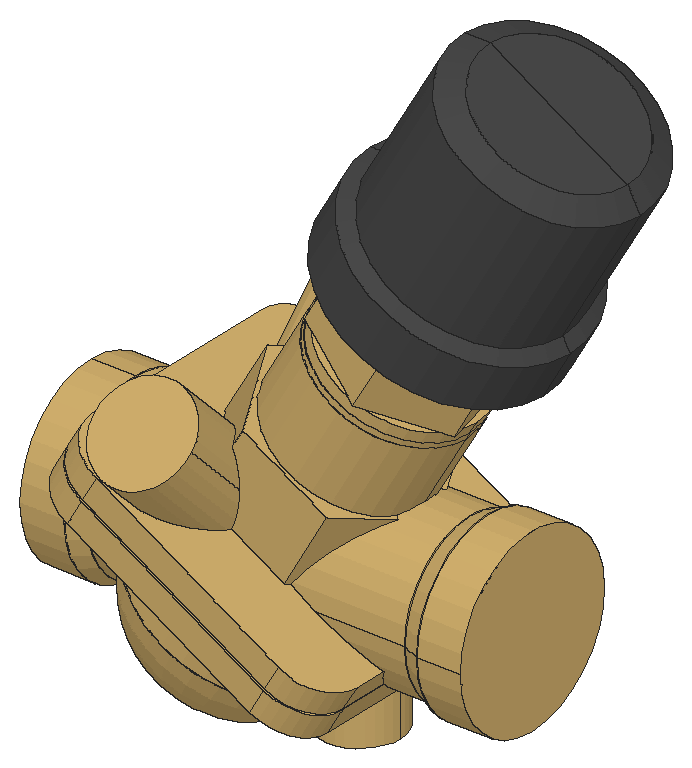
Revit family "1AHQM_DN15-32_External_RFA", category Pipe Accessories, Revit 2019
Family settings
  Round Connector Dimension = Use Diameter
  Part Type = Valve - Breaks Into
  OmniClass Number = 23.65.55.14.17
  OmniClass Title = Adjusting/Controlling Valves for Liquid Services
  Work Plane-Based = No
  Always vertical = Yes
  Cut with Voids When Loaded = No
  Shared = No
Parameters (values of type "AHQM_DN15_Kvs_1.0_External_003L3592")
  W [instance] = 45 mm
  RN2 = 12.7 mm
  Nominal Pressure = "PN 16"  # constant formula
  Min Flow = "0.035 m³/h"
  Max Flow = "0.43 m³/h"
  L = 64.9 mm
  Kvs = 1.0 m³/h
  H_IT = -21 mm
  H_A6 = 26 mm  # constant formula
  H_A2 = 25.5 mm
  L_TP = 10 mm
  Weight = 0.51 kg
  Valve Body Material = Danfoss Brass
  URL = "https://store.danfoss.com/en/Climate-Solutions-for-heating/Pressure-and-Flow-Controllers/Pressure-Independent-Control-Valves/c/4120?q=%3Arelevance%3Adanfoss_producttypehierarchydesc%3A4503ff21ed70ed1f579e41a58838c27d4b1d929f%3Adanfoss_a50461501115_fts%3ATA6_1501121&page=0&pageSize=10"
  H_TP = 30 mm
  TD = R_V1_1 * 2  # 26.4 mm
  Stroke = "5.5 mm"
  H_Plate__ve = -H_Plate  # -4 mm
  H_Plate = 4 mm
  R_Arc1 = 7 mm
  R_IT = 6 mm
  R_C = 18 mm
  R_B4 = 16.5 mm
  RN1 = 14.4 mm
  R_V1 = 12 mm
  R_TP = 7.2 mm
  Pressure Drop [instance] = 0.0 bar
  Model Type = "AHQM_DN15_Kvs_1.0_External"
  Model = "003L3592"
  Min Medium Temperature = "2 °C"  # constant formula
  Max Medium Temperature = "120 °C"  # constant formula
  Max Differential Pressure = "4 bar"  # constant formula
  Manufacturer = "Danfoss"  # constant formula
  H_A5 = 8 mm  # constant formula
  H_A4 = 2 mm
  L_IT = 5 mm
  LOD 350 = not(LOD 200)  # yes
  LOD 200 = no
  H_N2 = 11 mm
  H_N1 = 12.6 mm
  L1_2 = 25.5 mm
  L1 = 46.7 mm
  L3 = 2.7 mm
  L2 = 6.5 mm
  L_Plate = 45 mm
  IfcExportType = "AHQM"  # constant formula
  IfcExportAs = "IfcValveType"  # constant formula
  H_A = 15 mm
  HH = H1 + H2  # 99.5 mm
  H_A1 = 10 mm
  H2 = 24 mm
  H_A3 = 1 mm
  H1 = 75.5 mm
  H [instance] = 99.5 mm
  GAP2 = 1 mm
  GAP = 0.5 mm
  Flow [instance] = 0.0 m³/h
  Description = "Pressure Independent Control Valve"  # constant formula
  R_B2 = 12 mm
  R_B3 = 12 mm
  R_V1_1 = 13.2 mm
  D = 15 mm
  Connection = "External Thread"  # constant formula
  R_N2 = RN2 * cos(30.00°)  # 10.999 mm
  R_N1 = RN1 * cos(30.00°)  # 12.471 mm
  R_Arc2 = 18 mm
  R_B1 = 16 mm
  A_3 = 10 mm
  A_2 = 12 mm
  A_1 = 14.3 mm
  A = 30.00°
Types (6, lengths in mm): name | RN2 | Min Flow | Max Flow | L | Kvs | H_IT | H_A2 | L_TP | Weight | H_TP | TD | Stroke | H_Plate__ve | H_Plate | R_Arc1 | R_IT | RN1 | R_V1 | Model Type | Model | H_A4 | L_IT | H_N2 | H_N1 | L1_2 | L1 | L3 | L2 | L_Plate | H_A | HH | H_A1 | H2 | H_A3 | H1 | H | R_B2 | R_B3 | R_V1_1 | D | R_N2 | R_N1 | R_Arc2 | R_B1 | A_3 | A_2 | A_1
  AHQM_DN15_Kvs_1.0_External_003L3592 | 12.7 | "0.035 m³/h" | "0.43 m³/h" | 64.9 | 1.0 m³/h | -21 | 25.5 | 10 | 0.51 kg | 30 | 26.4 | "5.5 mm" | -4 | 4 | 7 | 6 | 14.4 | 12 | "AHQM_DN15_Kvs_1.0_External" | "003L3592" | 2 | 5 | 11 | 12.6 | 25.5 | 46.7 | 2.7 | 6.5 | 45 | 15 | 99.5 | 10 | 24 | 1 | 75.5 | 99.5 | 12 | 12 | 13.2 | 15 | 10.999 | 12.471 | 18 | 16 | 10 | 12 | 14.3
  AHQM_DN20_Kvs2.5_External_003L3595 | 12.7 | "0.25 m³/h" | "1.2 m³/h" | 82 | 2.5 m³/h | -23.5 | 19.5 | 13 | 0.67 kg | 32 | 33 | "5.0 mm" | -6 | 6 | 12 | 6 | 17.9 | 14.5 | "AHQM_DN20_Kvs2.5_External" | "003L3595" | 4.5 | 8 | 11 | 16 | 31 | 60 | 3 | 8 | 56 | 16 | 108.5 | 14.5 | 31 | 5 | 77.5 | 108.5 | 12 | 12 | 16.5 | 20 | 10.999 | 15.502 | 16 | 16 | 9 | 12.5 | 18.5
  AHQM_DN25_Kvs4.0_External_003L3596 | 13.3 | "0.43 m³/h" | "2.2 m³/h" | 104 | 4.0 m³/h | -28 | 31 | 13 | 1.47 kg | 32 | 42 | "5.0 mm" | -6 | 6 | 12 | 6.5 | 22.4 | 18 | "AHQM_DN25_Kvs4.0_External" | "003L3596" | 7 | 11 | 12 | 16 | 37 | 74 | 5 | 10 | 71 | 19.5 | 129.5 | 20 | 39 | 5 | 90.5 | 129.5 | 17 | 19 | 21 | 25 | 11.518 | 19.399 | 21 | 20 | 10 | 18 | 22
  AHQM_DN32_Kvs6.3_External_003L3597 | 13.3 | "0.65 m³/h" | "3.4 m³/h" | 130 | 6.3 m³/h | -33.5 | 40 | 17 | 2.23 kg | 40 | 54 | "5.0 mm" | -8 | 8 | 7 | 6.5 | 28 | 20 | "AHQM_DN32_Kvs6.3_External" | "003L3597" | 10.5 | 14 | 11.5 | 20 | 46 | 95 | 5 | 12 | 90 | 23 | 151 | 24.5 | 49 | 4 | 102 | 151 | 22 | 24 | 27 | 32 | 11.518 | 24.249 | 22 | 23.5 | 11 | 24 | 28
  AHQM_DN15_Kvs1.25_External_003L3593 | 12.7 | "0.11 m³/h" | "0.7 m³/h" | 64.9 | 1.25 m³/h | -21 | 25.5 | 10 | 0.51 kg | 30 | 26.4 | "5.5 mm" | -4 | 4 | 7 | 6 | 14.4 | 12 | "AHQM_DN15_Kvs1.25_External" | "003L3593" | 2 | 5 | 11 | 12.6 | 25.5 | 46.7 | 2.7 | 6.5 | 45 | 15 | 99.5 | 10 | 24 | 1 | 75.5 | 99.5 | 12 | 12 | 13.2 | 15 | 10.999 | 12.471 | 18 | 16 | 10 | 12 | 14.3
  AHQM_DN15_Kvs1.6_External_003L3594 | 12.7 | "0.2 m³/h" | "1.0 m³/h" | 64.9 | 1.6 m³/h | -21 | 25.5 | 10 | 0.51 kg | 30 | 26.4 | "5.5 mm" | -4 | 4 | 7 | 6 | 14.4 | 12 | "AHQM_DN15_Kvs1.6_External" | "003L3594" | 2 | 5 | 11 | 12.6 | 25.5 | 46.7 | 2.7 | 6.5 | 45 | 15 | 99.5 | 10 | 24 | 1 | 75.5 | 99.5 | 12 | 12 | 13.2 | 15 | 10.999 | 12.471 | 18 | 16 | 10 | 12 | 14.3
Reference planes
  plane 1 "Center (Front/Back)": y = 0
  plane 2 "XYPLANE": z = 0
  plane 3 "Center (Left/Right)": x = 0
  plane 4 "293": x = -10
  plane 5 "292": x = -10
  plane 6 "249": through (0, 465.983, 594.677) normal (0, -0.7071, 0.7071)
  plane 7 "248": through (0, 487.197, 573.464) normal (0, -0.7071, 0.7071)
  plane 8 "247": through (0, 487.904, 572.756) normal (0, -0.7071, 0.7071)
  plane 9 "246": through (0, 509.117, 551.543) normal (0, -0.7071, 0.7071)
  plane 10 "245": x = 0
  plane 11 "244": through (0, 530.33, -530.33) normal (0, 0.7071, 0.7071)
  plane 12 "243": through (0, 530.33, 530.33) normal (0, -0.7071, 0.7071)
  plane 13 "237": through (369.753, 0, 652.548) normal (0.866, 0, -0.5)
  plane 14 "236": through (0, 596.091, -464.569) normal (0, 0.7071, 0.7071)
  plane 15 "233": through (0, 551.543, -509.117) normal (0, 0.7071, 0.7071)
  plane 16 "228": through (0, 530.33, -530.33) normal (0, 0.7071, 0.7071)
  plane 17 "227": through (0, -530.33, -530.33) normal (0, 0.7071, -0.7071)
  plane 18 "226": x = 0
  plane 19 "202": through (-623.769, 0, 419.6) normal (0.5, 0, 0.866)
  plane 20 "201": through (-627.769, 0, 412.672) normal (0.5, 0, 0.866)
  plane 21 "200": through (-633.269, 0, 403.146) normal (0.5, 0, 0.866)
  plane 22 "199": through (-634.269, 0, 401.414) normal (0.5, 0, 0.866)
  plane 23 "198": through (-634.769, 0, 400.548) normal (0.5, 0, 0.866)
  plane 24 "197": through (-647.519, 0, 378.464) normal (0.5, 0, 0.866)
  plane 25 "195": through (-664.019, 0, 349.885) normal (0.5, 0, 0.866)
  plane 26 "194": through (-656.519, 0, 362.876) normal (0.5, 0, 0.866)
  plane 27 "193": through (-651.519, 0, 371.536) normal (0.5, 0, 0.866)
  plane 28 "189": through (-649.769, 0, 374.567) normal (0.5, 0, 0.866)
  plane 29 "96": through (-649.519, 0, 375) normal (0.5, 0, 0.866)
  plane 30 "95": y = 0
  plane 31 "93": through (370.619, 0, 652.048) normal (0.866, 0, -0.5)
  plane 32 "40": x = 23.9
  plane 33 "39": x = 21.2
  plane 34 "37": x = -25.5
  plane 35 "24": z = 0
  plane 36 "23": y = 0
  plane 37 "22": x = 0
  plane 38 "242XY": through (0, 530.33, 530.33) normal (0, -0.7071, 0.7071)
  plane 39 "242XZ": through (0, 530.33, -530.33) normal (0, 0.7071, 0.7071)
  plane 40 "242YZ": x = 0
  plane 41 "204XY": through (0, 530.33, -530.33) normal (0, 0.7071, 0.7071)
  plane 42 "204XZ": through (0, -530.33, -530.33) normal (0, 0.7071, -0.7071)
  plane 43 "204YZ": x = 0
  plane 44 "87XY": through (-649.519, 0, 375) normal (0.5, 0, 0.866)
  plane 45 "87XZ": y = 0
  plane 46 "87YZ": through (370.619, 0, 652.048) normal (0.866, 0, -0.5)
  plane 47 "203": through (-610.769, -1524, 442.117) normal (0.5, 0, 0.866)
  plane 48: through (358.235, -1524, 659.198) normal (0.866, 0, -0.5)
  plane 49: through (361.959, -1524, 657.048) normal (0.866, 0, -0.5)
  plane 50: through (360.227, -1524, 658.048) normal (0.866, 0, -0.5)
  plane 51 "192": through (356.763, -1524, 660.048) normal (0.866, 0, -0.5)
  plane 52: z = -24
  plane 53: z = 75.5
  plane 54 "E1": x = -34.5
  plane 55 "E2": x = 30.4
  plane 56 "38": x = -28
  plane 57: x = 5
  plane 58 "LN1": through (-641.219, -1524, 389.376) normal (0.5, 0, 0.866)
Forms (mm)
  Extrusion 1, solid, material "Danfoss Brass" <- "Valve Body Material", detail levels fine
    sketch origin (-664.019, 0, 349.885) x (0.866025, 0, -0.5) y (0, 1, 0)
      loop
        circle (744.941, 0) r 1
    from 0 to 2 <- "H_A4"
  Revolve 2, solid, material "Danfoss Brass" <- "Valve Body Material", detail levels fine
    sketch origin (-8.083, 0, -12) x (0, 0, 1) y (1, 0, 0)
      loop
        arc (-10.085, -11.664) -> (-0.735, -17.748) -> (10.405, -17.155) r 18
        line (10.405, -17.155) -> (2.905, -4.164) -> (-10.085, -11.664)
      axis (-10.585, -10.798) -> (2.405, -3.298)
    angle from 0 to -360
  Extrusion 3, solid, material "Danfoss Brass" <- "Valve Body Material", visible <- "LOD 350", detail levels fine
    sketch origin (0, 530.33, 530.33) x (0, -0.707107, -0.707107) y (1, 0, 0)
      loop
        circle (750, -10) r 7.2
    from 0 to 30 <- "H_TP"
  Extrusion 4, solid, material "Danfoss Brass" <- "Valve Body Material", visible <- "LOD 350", detail levels fine
    sketch origin (0, 530.33, -530.33) x (0, -0.707107, 0.707107) y (1, 0, 0)
      loop
        circle (750, -10) r 7.2
    from 0 to 30 <- "H_TP"
  Extrusion 5, solid, material "Danfoss Brass" <- "Valve Body Material", detail levels fine
    sketch origin (-651.934, 0, 375.817) x (0.866025, 0, -0.5) y (0, 1, 0)
      loop
        line (762.941, 22.5) -> (731.941, 22.5)
        arc (731.941, 22.5) -> (726.991, 20.45) -> (724.941, 15.5) r 7
        line (724.941, 15.5) -> (724.941, -15.5)
        arc (724.941, -15.5) -> (726.991, -20.45) -> (731.941, -22.5) r 7
        line (731.941, -22.5) -> (762.941, -22.5)
        arc (762.941, -22.5) -> (767.891, -20.45) -> (769.941, -15.5) r 7
        line (769.941, -15.5) -> (769.941, 15.5)
        arc (769.941, 15.5) -> (767.891, 20.45) -> (762.941, 22.5) r 7
    from 0.2 to -4 <- "H_Plate__ve"
  Extrusion 6, solid, material "Danfoss Brass" <- "Valve Body Material", detail levels fine
    sketch origin (-7, 0, -12.124) x (0.866025, 0, -0.5) y (0, 1, 0)
      loop
        circle (-5.059, 0) r 16
    from 0 to 10
  Extrusion 7, solid, material "Danfoss Brass" <- "Valve Body Material", visible <- "LOD 350", detail levels fine
    sketch origin (-647.519, 0, 378.464) x (0.866025, 0, -0.5) y (0, 1, 0)
      loop
        line (730.541, 0) -> (737.741, -12.471) -> (752.141, -12.471) -> (759.341, 0) -> (752.141, 12.471) -> (737.741, 12.471) -> (730.541, 0)
    from 0 to 12.6 <- "H_N1"
  Extrusion 8, solid, material "Danfoss Brass" <- "Valve Body Material", visible <- "LOD 350", detail levels fine
    sketch origin (8.3, 0, 14.376) x (-0.866025, 0, 0.5) y (0, -1, 0)
      loop
        circle (5.059, 0) r 12
    from 0 to 12.9
  Extrusion 9, solid, material "Danfoss Brass" <- "Valve Body Material", visible <- "LOD 350", detail levels fine
    sketch origin (-634.269, 0, 401.414) x (0.866025, 0, -0.5) y (0, 1, 0)
      loop
        circle (744.941, 0) r 12
    from 0 to 2 <- "H_A4"
  Extrusion 10, solid, material "Danfoss Brass" <- "Valve Body Material", visible <- "LOD 350", detail levels fine
    sketch origin (-633.269, 0, 403.146) x (0.866025, 0, -0.5) y (0, 1, 0)
      loop
        line (735.386, -8.365) -> (747.408, -12.458) -> (756.964, -4.093) -> (754.497, 8.365) -> (742.474, 12.458) -> (732.919, 4.093) -> (735.386, -8.365)
    from 0 to 11 <- "H_N2"
  Extrusion 11, solid, material "Danfoss Brass" <- "Valve Body Material", detail levels fine
    sketch origin (-651.684, 0, 376.25) x (0.866025, 0, -0.5) y (0, 1, 0)
      loop
        arc (731.941, 22.5) -> (726.991, 20.45) -> (724.941, 15.5) r 7
        line (724.941, 15.5) -> (724.941, -15.5)
        arc (724.941, -15.5) -> (726.991, -20.45) -> (731.941, -22.5) r 7
        line (731.941, -22.5) -> (762.941, -22.5)
        arc (762.941, -22.5) -> (767.891, -20.45) -> (769.941, -15.5) r 7
        line (769.941, -15.5) -> (769.941, 15.5)
        arc (769.941, 15.5) -> (767.891, 20.45) -> (762.941, 22.5) r 7
        line (762.941, 22.5) -> (731.941, 22.5)
    from 0 to 4 <- "H_Plate"
  Blend 12, solid, material "Danfoss Brass" <- "Valve Body Material", visible <- "LOD 350", detail levels fine
    base sketch origin (-634.269, 0, 401.414) x (0.866025, 0, -0.5) y (0, 1, 0)
      loop
        circle (744.941, 0) r 12
    top sketch origin (-634.269, 0, 401.414) x (0.866025, 0, -0.5) y (0, 1, 0)
      loop
        circle (744.941, 0) r 12
    from 0 to -1
  Extrusion 13, solid, material "Danfoss Brass" <- "Valve Body Material", detail levels fine
    sketch origin (30.4, 0, 0) x (0, 0, -1) y (0, -1, 0)
      loop
        circle (0, 0) r 13.2
    from 0 to 6.5
  Blend 14, solid, material "Danfoss Brass" <- "Valve Body Material", visible <- "LOD 350", detail levels fine
    base sketch origin (23.9, -750, 0) x (0, 1, 0) y (0, 0, 1)
      loop
        circle (750, 0) r 13.2
    top sketch origin (23.9, -750, 0) x (0, 1, 0) y (0, 0, 1)
      loop
        circle (750, 0) r 12
    from 0 to -2.7
  Blend 15, solid, material "Danfoss Brass" <- "Valve Body Material", visible <- "LOD 350", detail levels fine
    base sketch origin (-28, 0, 0) x (0, 1, 0) y (0, 0, 1)
      loop
        circle (0, 0) r 13.2
    top sketch origin (-28, 0, 0) x (0, 1, 0) y (0, 0, 1)
      loop
        circle (0, 0) r 12
    from 0 to 2.5
  Extrusion 16, solid, material "Danfoss Brass" <- "Valve Body Material", visible <- "LOD 350", detail levels fine
    sketch origin (0, 0, 0) x (0, 1, 0) y (0, 0, 1)
      loop
        circle (0, 0) r 12
    from -25.5 to 21.2
  Extrusion 17, solid, material "Danfoss Brass" <- "Valve Body Material", detail levels fine
    sketch origin (-34.5, 0, 0) x (0, 0, -1) y (0, -1, 0)
      loop
        circle (0, 0) r 13.2
    from 0 to -6.5
  Revolve 18, solid, material "Danfoss Plastic Black", visible <- "LOD 350", detail levels fine
    sketch origin (-8.083, 0, -12) x (0, 0, 1) y (1, 0, 0)
      loop
        line (52.201, 25.452) -> (81.646, 42.452) -> (75.808, 52.564) -> (72.485, 54.483) -> (52.63, 43.02) -> (50.63, 44.174) -> (43.701, 40.174) -> (52.201, 25.452)
      axis (81.646, 42.452) -> (52.201, 25.452)
    angle from 0 to 360
  Extrusion 19, solid, material "Danfoss Brass" <- "Valve Body Material", detail levels fine
    sketch origin (0, 0, 0) x (1, 0, 0) y (0, 1, 0)
      loop
        circle (5, 0) r 6
    from 0 to -21 <- "H_IT"
  Extrusion 20, solid, material "Danfoss Brass" <- "Valve Body Material", visible <- "LOD 200", detail levels fine
    sketch origin (-28, 0, 0) x (0, 1, 0) y (0, 0, 1)
      loop
        circle (0, 0) r 12
    from 0 to 51.9
  Revolve 21, solid, material "Danfoss Plastic Black", visible <- "LOD 200", detail levels fine
    sketch origin (-8.083, 0, -12) x (0, 0, 1) y (1, 0, 0)
      loop
        line (81.646, 42.452) -> (73.146, 57.174) -> (43.701, 40.174) -> (52.201, 25.452) -> (81.646, 42.452)
      axis (52.201, 25.452) -> (81.646, 42.452)
    angle from 0 to 360
  Revolve 22, solid, material "Danfoss Brass" <- "Valve Body Material", visible <- "LOD 200", detail levels fine
    sketch origin (-8.083, 0, -12) x (0, 0, 1) y (1, 0, 0)
      loop
        line (52.201, 25.452) -> (17.993, 5.702) -> (25.193, -6.769) -> (36.105, -0.469) -> (34.905, 1.61) -> (58.201, 15.06) -> (52.201, 25.452)
      axis (52.201, 25.452) -> (17.993, 5.702)
    angle from 0 to 360
Lines and regions (mm)
  reference lines, not visible
    curve 1: circle (2, 2, 0) r 1 normal (0, 0, 1)
  reference lines
    curve 2: line (-27.85, 0, -0.087) -> (-19.747, 0, -22.085)
    curve 3: line (-10, -43.134, 43.134) -> (-8.34, -41.812, 44.455)
    curve 4: line (-10, -43.134, 43.134) -> (-10.789, -41.456, 44.811)
    curve 5: line (-10, -43.134, 43.134) -> (-12.449, -42.778, 43.489)
    curve 6: line (-10, -21.213, 21.213) -> (-8.34, -19.891, 22.535)
    curve 7: line (-10, -21.213, 21.213) -> (-10.789, -19.536, 22.891)
    curve 8: line (-10, -21.213, 21.213) -> (-12.449, -20.858, 21.569)
    curve 9: line (-10, 21.213, 21.213) -> (-8.34, 22.535, 19.891)
    curve 10: line (-10, 21.213, 21.213) -> (-10.789, 22.891, 19.536)
    curve 11: line (-10, 21.213, 21.213) -> (-12.449, 21.569, 20.858)
    curve 12: line (-10, 44.548, 44.548) -> (-8.34, 45.87, 43.226)
    curve 13: line (-10, 44.548, 44.548) -> (-10.789, 46.225, 42.87)
    curve 14: line (-10, 44.548, 44.548) -> (-12.449, 44.903, 44.192)
    curve 15: circle (-4.631, 0, 2.096) r 1 normal (-0.5, 0, -0.866)
    curve 16: line (-2.381, 0, 5.993) -> (-0.108, 4.547, 4.681)
    curve 17: line (-2.381, 0, 5.993) -> (2.166, 0, 3.368)
    curve 18: line (-2.381, 0, 5.993) -> (-0.108, -4.547, 4.681)
    curve 19: line (11.869, 0, 30.675) -> (11.112, 4.414, 31.112)
    curve 20: line (11.869, 0, 30.675) -> (14.801, 2.964, 28.982)
    curve 21: line (11.869, 0, 30.675) -> (15.558, -1.45, 28.545)
    curve 22: circle (-4.381, 0, 2.529) r 1 normal (0.5, 0, 0.866)
Dimensions and locks
  plane 1 "Center (Front/Back)" to curve 1 = 2 mm
  "L_TP": plane 18 "226" to plane 4 "293"
  "L_TP": plane 10 "245" to plane 5 "292"
  plane 7 "248" to plane 6 "249" = 30 mm
  "GAP2": plane 8 "247" to plane 7 "248"
  plane 9 "246" to plane 8 "247" = 30 mm
  "H_TP": plane 12 "243" to plane 9 "246"
  locked: plane 37 "22" to plane 10 "245"
  locked: plane 39 "242XZ" to plane 11 "244"
  locked: plane 38 "242XY" to plane 12 "243" at 0
  "GAP2": plane 31 "93" to plane 13 "237"
  "H_TP": plane 16 "228" to plane 15 "233"
  locked: plane 41 "204XY" to plane 16 "228"
  locked: plane 42 "204XZ" to plane 17 "227"
  locked: plane 37 "22" to plane 18 "226"
  "H_N2": plane 21 "200" to plane 20 "201"
  "H_A4": plane 22 "199" to plane 21 "200"
  "H_A3": plane 23 "198" to plane 22 "199"
  "H_A2": plane 24 "197" to plane 23 "198"
  "H_Plate": plane 29 "96" to plane 24 "197"
  "H_A": plane 26 "194" to plane 25 "195"
  "H_A1": plane 27 "193" to plane 26 "194"
  "H_Plate": plane 29 "96" to plane 27 "193"
  "GAP": plane 29 "96" to plane 28 "189"
  locked: plane 44 "87XY" to plane 29 "96" at 0
  locked: plane 36 "23" to plane 30 "95"
  locked: plane 46 "87YZ" to plane 31 "93" at 0
  "L3": plane 33 "39" to plane 32 "40"
  "L1_2": plane 37 "22" to plane 34 "37"
  locked: plane 2 "XYPLANE" to plane 35 "24"
  locked: plane 1 "Center (Front/Back)" to plane 36 "23"
  locked: plane 3 "Center (Left/Right)" to plane 37 "22"
  "L_Plate": Extrusion 5 sketch curve to Extrusion 5 sketch curve  (x2)
  Extrusion 5 sketch curve to curve 15 to Extrusion 5 sketch curve = 22.5 mm, 22.5 mm
  Extrusion 5 sketch curve to Extrusion 5 sketch curve = 9.899 mm  (x8)
  "R_N1": curve 16 to Extrusion 7 sketch curve  (x2)
  "R_N1": curve 17 to Extrusion 7 sketch curve  (x2)
  "R_N1": curve 18 to Extrusion 7 sketch curve  (x2)
  Extrusion 7 sketch curve to Extrusion 7 sketch curve = 0 mm  (x12)
  "R_N2": curve 19 to Extrusion 10 sketch curve  (x2)
  "R_N2": curve 20 to Extrusion 10 sketch curve  (x2)
  "R_N2": curve 21 to Extrusion 10 sketch curve  (x2)
  Extrusion 10 sketch curve to Extrusion 10 sketch curve = 0 mm  (x12)
  "L_Plate": Extrusion 11 sketch curve to Extrusion 11 sketch curve  (x2)
  Extrusion 11 sketch curve to curve 22 to Extrusion 11 sketch curve = 22.5 mm, 22.5 mm
  Extrusion 11 sketch curve to Extrusion 11 sketch curve = 9.899 mm  (x8)
  "L1": plane 34 "37" to plane 33 "39"
  equal spacing: Extrusion 5, plane 45 "87XZ", Extrusion 5
  equal spacing: Extrusion 11, plane 45 "87XZ", Extrusion 11
  equal spacing: Extrusion 5 sketch curve, plane 45 "87XZ", Extrusion 5 sketch curve
  equal spacing: Extrusion 11 sketch curve, plane 45 "87XZ", Extrusion 11 sketch curve
  equal spacing: Extrusion 11 sketch curve, plane 46 "87YZ", Extrusion 11 sketch curve
  equal spacing: Extrusion 5 sketch curve, plane 46 "87YZ", Extrusion 5 sketch curve
  "H_A5": plane 19 "202" to plane 20 "201"
  "W": Extrusion 5 to Extrusion 5
  "A_1": plane 46 "87YZ" to plane 48
  "A_2": plane 46 "87YZ" to plane 50
  "A_3": plane 46 "87YZ" to plane 49
  "R_B1": plane 46 "87YZ" to plane 51 "192"
  "H2": level to plane 52
  "H1": plane 53 to level
  "H": plane 53 to plane 52
  "L": plane 54 "E1" to plane 55 "E2"
  "L_IT": plane 43 "204YZ" to plane 57
  "H_A6": plane 47 "203" to plane 19 "202"
  "H_N1": plane 58 "LN1" to plane 24 "197"
  plane 54 "E1" to plane 55 "E2" = 64.9 mm
  "L2": plane 54 "E1" to plane 56 "38"
  "L2": plane 32 "40" to plane 55 "E2"
  Revolve 18 sketch curve to Revolve 18 sketch curve = 11.677 mm
  Revolve 18 sketch curve to Revolve 18 sketch curve = 17 mm
  Revolve 18 sketch curve to Revolve 18 sketch curve = 15 mm
  Revolve 18 sketch curve to plane 19 "202" = 1.155 mm
  Revolve 18 sketch curve to Revolve 18 sketch curve = 3.837 mm
  plane 47 "203" to Revolve 18 sketch curve = 1.919 mm
  Revolve 18 sketch curve to Revolve 18 sketch curve = 22.927 mm
  Revolve 21 sketch curve to Revolve 21 sketch curve = 17 mm
  "R_B2": Revolve 22 sketch curve to Revolve 22 sketch curve
  "GAP2": radius of Extrusion 1 sketch curve
  "R_TP": radius of Extrusion 3 sketch curve
  "R_TP": radius of Extrusion 4 sketch curve
  "R_B1": radius of Extrusion 6 sketch curve
  "R_B2": radius of Extrusion 8 sketch curve
  "R_B3": radius of Extrusion 9 sketch curve
  "R_B2": radius of Blend 12 sketch curve
  "R_B3": radius of Blend 12 sketch curve
  "R_V1_1": radius of Extrusion 13 sketch curve
  "R_V1": radius of Blend 14 sketch curve
  "R_V1_1": radius of Blend 14 sketch curve
  "R_V1": radius of Blend 15 sketch curve
  "R_V1_1": radius of Blend 15 sketch curve
  "R_V1": radius of Extrusion 16 sketch curve
  "R_Arc1": radius of Extrusion 11 sketch curve  (x4)
  "R_Arc1": radius of Extrusion 5 sketch curve  (x4)
  "R_Arc2": radius of Revolve 2 sketch curve
  "R_V1_1": radius of Extrusion 17 sketch curve
  "R_IT": radius of Extrusion 19 sketch curve
  "R_V1": radius of Extrusion 20 sketch curve
  locked: curve 4 to curve 3 (angle 60.00°)
  locked: curve 5 to curve 4 (angle 60.00°)
  locked: curve 5 to curve 3 (angle 120.00°)
  locked: curve 7 to curve 6 (angle 60.00°)
  locked: curve 8 to curve 7 (angle 60.00°)
  locked: curve 8 to curve 6 (angle 120.00°)
  locked: curve 10 to curve 9 (angle 60.00°)
  locked: curve 11 to curve 10 (angle 60.00°)
  locked: curve 11 to curve 9 (angle 120.00°)
  locked: curve 13 to curve 12 (angle 60.00°)
  locked: curve 14 to curve 13 (angle 60.00°)
  locked: curve 14 to curve 12 (angle 120.00°)
  locked: curve 17 to curve 16 (angle 60.00°)
  locked: curve 18 to curve 17 (angle 60.00°)
  locked: curve 18 to curve 16 (angle 120.00°)
  locked: curve 20 to curve 19 (angle 60.00°)
  locked: curve 21 to curve 20 (angle 60.00°)
  locked: curve 21 to curve 19 (angle 120.00°)
  aligned and locked: level to plane 2 "XYPLANE"
  aligned and locked: plane 30 "95" to Extrusion 1 sketch curve
  aligned and locked: Extrusion 1 sketch curve to plane 31 "93"
  aligned and locked: plane 26 "194" to curve 2
  aligned and locked: plane 13 "237" to curve 2
  aligned and locked: plane 25 "195" to curve 2
  aligned and locked: plane 13 "237" to Revolve 2 sketch curve
  aligned and locked: plane 25 "195" to Revolve 2 sketch curve
  aligned and locked: plane 26 "194" to Revolve 2 sketch curve  (x2)
  aligned and locked: plane 31 "93" to Revolve 2 sketch curve
  aligned and locked: plane 5 "292" to Extrusion 3 sketch curve
  aligned and locked: plane 11 "244" to Extrusion 3 sketch curve
  aligned and locked: plane 5 "292" to curve 4
  aligned and locked: plane 11 "244" to curve 4
  aligned and locked: plane 5 "292" to curve 7
  aligned and locked: plane 11 "244" to curve 8
  aligned and locked: plane 4 "293" to curve 10
  aligned and locked: plane 17 "227" to curve 11
  aligned and locked: plane 4 "293" to curve 13
  aligned and locked: plane 17 "227" to curve 13
  aligned and locked: plane 4 "293" to Extrusion 4 sketch curve
  aligned and locked: plane 17 "227" to Extrusion 4 sketch curve
  aligned and locked: plane 30 "95" to curve 15
  aligned and locked: curve 15 to plane 31 "93"
  aligned and locked: plane 30 "95" to Extrusion 6 sketch curve
  aligned and locked: Extrusion 6 sketch curve to plane 31 "93"
  aligned and locked: curve 16 to plane 31 "93"
  aligned and locked: plane 30 "95" to curve 17
  aligned and locked: plane 30 "95" to Extrusion 8 sketch curve
  aligned and locked: Extrusion 8 sketch curve to plane 31 "93"
  aligned and locked: plane 30 "95" to Extrusion 9 sketch curve
  aligned and locked: Extrusion 9 sketch curve to plane 31 "93"
  aligned and locked: curve 19 to plane 31 "93"
  aligned and locked: plane 30 "95" to curve 20
  aligned and locked: plane 30 "95" to curve 22
  aligned and locked: curve 22 to plane 31 "93"
  aligned and locked: plane 30 "95" to Blend 12 sketch curve  (x2)
  aligned and locked: Blend 12 sketch curve to plane 31 "93"  (x2)
  aligned and locked: Blend 12 to plane 23 "198"
  aligned and locked: plane 35 "24" to Extrusion 13 sketch curve
  aligned and locked: Extrusion 13 sketch curve to plane 36 "23"
  aligned and locked: plane 35 "24" to Blend 14 sketch curve  (x2)
  aligned and locked: Blend 14 sketch curve to plane 36 "23"  (x2)
  aligned and locked: Blend 14 to plane 33 "39"
  aligned and locked: plane 35 "24" to Blend 15 sketch curve  (x2)
  aligned and locked: Blend 15 sketch curve to plane 36 "23"  (x2)
  aligned and locked: plane 34 "37" to Blend 15
  aligned and locked: plane 35 "24" to Extrusion 16 sketch curve
  aligned and locked: Extrusion 16 sketch curve to plane 36 "23"
  aligned and locked: plane 51 "192" to Revolve 2 sketch curve
  aligned and locked: Blend 15 to plane 56 "38"
  aligned and locked: level to Extrusion 17 sketch curve
  aligned and locked: plane 1 "Center (Front/Back)" to Extrusion 17 sketch curve
  aligned and locked: plane 57 to Extrusion 19 sketch curve
  aligned and locked: plane 45 "87XZ" to Extrusion 19 sketch curve
  aligned and locked: plane 46 "87YZ" to Revolve 18 sketch curve
  aligned and locked: plane 23 "198" to Extrusion 8
  aligned and locked: plane 27 "193" to Extrusion 6
  aligned and locked: Extrusion 17 to Blend 15
  aligned and locked: Extrusion 13 to plane 32 "40"
  aligned and locked: Extrusion 16 to plane 33 "39"
  aligned and locked: Extrusion 16 to plane 34 "37"
  aligned and locked: plane 45 "87XZ" to Extrusion 20 sketch curve
  aligned and locked: level to Extrusion 20 sketch curve
  aligned and locked: Extrusion 20 to plane 32 "40"
  aligned and locked: Revolve 18 sketch curve to plane 20 "201"
  aligned and locked: plane 19 "202" to Revolve 18 sketch curve
  aligned and locked: plane 47 "203" to Revolve 18 sketch curve
  aligned and locked: Revolve 18 sketch curve to plane 46 "87YZ"
  aligned and locked: plane 46 "87YZ" to Revolve 21 sketch curve
  aligned and locked: plane 20 "201" to Revolve 21 sketch curve
  aligned and locked: plane 47 "203" to Revolve 21 sketch curve
  aligned and locked: Extrusion 9 to Revolve 21 sketch curve
  aligned and locked: Revolve 21 sketch curve to plane 31 "93"
  aligned and locked: plane 20 "201" to Revolve 22 sketch curve
  aligned and locked: plane 50 to Revolve 22 sketch curve
  aligned and locked: plane 58 "LN1" to Revolve 22 sketch curve
  aligned and locked: plane 24 "197" to Revolve 22 sketch curve
  aligned and locked: Revolve 22 sketch curve to Extrusion 7
  aligned and locked: plane 46 "87YZ" to Revolve 22 sketch curve
  aligned and locked: plane 1 "Center (Front/Back)" to nested 1
  aligned and locked: plane 54 "E1" to nested 1
  aligned and locked: nested 1 to plane 54 "E1"
Automatic sketch dimensions
  plane 11 "244" to curve 5 = 0.503 mm
  plane 11 "244" to curve 8 = 0.503 mm
  curve 11 to plane 12 "243" = 0.503 mm
  curve 14 to plane 12 "243" = 0.503 mm
  plane 13 "237" to curve 19 = 0.126 mm
  plane 3 "Center (Left/Right)" to curve 1 = 2 mm
  curve 10 to plane 4 "293" = 0 mm
  curve 2 to plane 34 "37" = 2.35 mm
  plane 54 "E1" to Revolve 18 sketch curve = 344.881 mm
  Revolve 18 sketch curve to plane 55 "E2" = 340.219 mm
  plane 32 "40" to Revolve 21 sketch curve = 2.869 mm
  plane 34 "37" to Revolve 2 sketch curve = 0.939 mm
  plane 54 "E1" to Revolve 22 sketch curve = 337.381 mm
  Revolve 22 sketch curve to plane 55 "E2" = 330.619 mm
  radius of curve 15 = 1 mm
  radius of curve 22 = 1 mm
  radius of curve 1 = 1 mm
Nested families
  nested 1: "Schematic_Pressure Independent Control Valve" at (-2.05, 0, 0), type "Schematic_Pressure Independent Control Valve", detail levels coarse+medium
Connectors
  piping at (30.4, 0, 0), diameter 15, driven by "D", driven by "Flow"
    settings: on Extrusion 13, index 4, connector inside diameter 609.6 mm, connector length 0 mm, flow factor 0, pipe flow 0.0 m³/h, pressure drop 0.0 bar, fitting loss kfactor 0, connector angle 0.00°, fixture units 0, engagement length 0 mm, angle of deflection 0.00°, flow configuration 0, flow direction 0, fitting loss method 0, system type 29, joint type 0, gender type 0, connector reference index 5, connector utility 0, adjustable connector no, is connector primary yes, connector description ""
  piping at (-34.5, 0, 0), diameter 15, driven by "Flow", driven by "D"
    settings: on Extrusion 17, index 5, connector inside diameter 609.6 mm, connector length 0 mm, flow factor 0, pipe flow 0.0 m³/h, pressure drop 0.0 bar, fitting loss kfactor 0, connector angle 0.00°, fixture units 0, engagement length 0 mm, angle of deflection 0.00°, flow configuration 0, flow direction 0, fitting loss method 0, system type 29, joint type 0, gender type 0, connector reference index 4, connector utility 0, adjustable connector no, is connector primary no, connector description ""
Definition of nested family "Schematic_Pressure Independent Control Valve"
  Parameters (values of type "Schematic_Pressure Independent Control Valve")
    L1 = L / 2  # 26.5 mm
    L = 53 mm
    H2 = 1 / 4 * H1  # 6.625 mm
    H1 = L / 2  # 26.5 mm
    D = 20 mm
  Reference planes
    plane 1 "Center (Front/Back)": y = 0
    plane 2: z = 0
    plane 3 "Center (Left/Right)": x = 0
    plane 4: x = 13.25
    plane 5: x = -13.25
    plane 6: z = 10
    plane 7: z = -10
    plane 8: z = 26.5
    plane 9: x = 26.5
    plane 10: x = -26.5
    plane 11: y = 10
    plane 12: y = -10
    plane 13: y = 26.5
    plane 14: y = -26.5
    plane 15: z = -26.5
    plane 16: y = -19.875
    plane 17: z = -19.875
  Lines and regions (mm)
    model lines
      curve 1: line (0, 0, 0) -> (-26.5, 0, 10)
      curve 2: line (-26.5, 0, 10) -> (-26.5, 0, -10)
      curve 3: line (-26.5, 0, -10) -> (0, 0, 0)
      curve 4: line (0, 0, 0) -> (26.5, 0, 10)
      curve 5: line (26.5, 0, 10) -> (26.5, 0, -10)
      curve 6: line (26.5, 0, -10) -> (0, 0, 0)
      curve 7: line (-13.25, 0, 26.5) -> (13.25, 0, 26.5)
      curve 15: line (-13.25, 0, -26.5) -> (13.25, 0, -26.5)
      curve 16: spline (0, 0, -33.125) -> (3.429, 0, -32.899) -> (6.625, 0, -32.237) -> (9.369, 0, -31.185) -> (11.475, 0, -29.813) -> (12.799, 0, -28.215) -> (13.25, 0, -26.5) -> (12.799, 0, -24.785) -> (11.475, 0, -23.188) -> (9.369, 0, -21.815) -> (6.625, 0, -20.763) -> (3.429, 0, -20.101) -> (0, 0, -19.875) -> (-3.429, 0, -20.101) -> (-6.625, 0, -20.763) -> (-9.369, 0, -21.815) -> (-11.475, 0, -23.187) -> (-12.799, 0, -24.785) -> (-13.25, 0, -26.5) -> (-12.799, 0, -28.215) -> (-11.475, 0, -29.812) -> (-9.369, 0, -31.185) -> (-6.625, 0, -32.237) -> (-3.429, 0, -32.899) -> (0, 0, -33.125)
      curve 17: line (0, 0, 26.5) -> (0, 0, -19.875)
    symbolic lines
      curve 8: line (26.5, 10, 0) -> (26.5, -10, 0)
      curve 9: line (-26.5, 10, 0) -> (-26.5, -10, 0)
      curve 10: line (-26.5, 10, 0) -> (0, 0, 0)
      curve 11: line (0, 0, 0) -> (-26.5, -10, 0)
      curve 12: line (0, 0, 0) -> (26.5, -10, 0)
      curve 13: line (0, 0, 0) -> (26.5, 10, 0)
      curve 14: line (13.25, 26.5, 0) -> (-13.25, 26.5, 0)
      curve 18: line (0, 26.5, 0) -> (0, -19.875, 0)
      curve 19: line (-13.25, -26.5, 0) -> (13.25, -26.5, 0)
      curve 20: spline (0, -33.125, 0) -> (3.429, -32.899, 0) -> (6.625, -32.237, 0) -> (9.369, -31.185, 0) -> (11.475, -29.813, 0) -> (12.799, -28.215, 0) -> (13.25, -26.5, 0) -> (12.799, -24.785, 0) -> (11.475, -23.188, 0) -> (9.369, -21.815, 0) -> (6.625, -20.763, 0) -> (3.429, -20.101, 0) -> (0, -19.875, 0) -> (-3.429, -20.101, 0) -> (-6.625, -20.763, 0) -> (-9.369, -21.815, 0) -> (-11.475, -23.187, 0) -> (-12.799, -24.785, 0) -> (-13.25, -26.5, 0) -> (-12.799, -28.215, 0) -> (-11.475, -29.812, 0) -> (-9.369, -31.185, 0) -> (-6.625, -32.237, 0) -> (-3.429, -32.899, 0) -> (0, -33.125, 0)
  Dimensions and locks
    equal spacing: plane 4, plane 3 "Center (Left/Right)", plane 5
    "D": plane 6 to plane 7
    equal spacing: plane 6, level, plane 7
    "L": plane 9 to plane 10
    equal spacing: plane 9, plane 3 "Center (Left/Right)", plane 10
    "D": plane 12 to plane 11
    equal spacing: plane 12, plane 1 "Center (Front/Back)", plane 11
    "H1": plane 1 "Center (Front/Back)" to plane 13
    "H1": plane 14 to plane 1 "Center (Front/Back)"
    "H1": plane 8 to level
    "H1": level to plane 15
    "L1": plane 4 to plane 5
    "H2": curve 16 to curve 16
    "H2": curve 16 to plane 15
    "H2": plane 17 to plane 15
    "H2": plane 14 to plane 16
    "H2": curve 20 to curve 20
    "H2": plane 14 to curve 20
    aligned and locked: level to plane 2
    aligned and locked: plane 5 to curve 7
    aligned and locked: plane 4 to curve 7
    aligned and locked: curve 15 to plane 15
    aligned and locked: plane 5 to curve 15
    aligned and locked: plane 4 to curve 15
    aligned and locked: curve 17 to plane 3 "Center (Left/Right)"
    aligned and locked: curve 18 to plane 3 "Center (Left/Right)"
    aligned and locked: plane 14 to curve 19
  Automatic sketch dimensions
    curve 1 to plane 6 = 0 mm
    curve 1 to plane 10 = 0 mm
    curve 6 to level = 0 mm
    curve 6 to plane 3 "Center (Left/Right)" = 0 mm
    curve 5 to plane 6 = 0 mm
    curve 5 to plane 9 = 0 mm
    curve 3 to plane 7 = 0 mm
    curve 6 to plane 7 = 0 mm
    curve 17 to plane 8 = 0 mm
    curve 10 to plane 10 = 0 mm
    curve 19 to plane 5 = 0 mm
    curve 14 to plane 5 = 0 mm
    plane 1 "Center (Front/Back)" to curve 10 = 0 mm
    curve 10 to plane 3 "Center (Left/Right)" = 0 mm
    curve 20 to plane 3 "Center (Left/Right)" = 0 mm
    curve 14 to plane 4 = 0 mm
    curve 12 to plane 9 = 0 mm
    plane 12 to curve 9 = 0 mm
    plane 12 to curve 12 = 0 mm
    plane 11 to curve 9 = 0 mm
    plane 11 to curve 13 = 0 mm
    plane 13 to curve 14 = 0 mm
